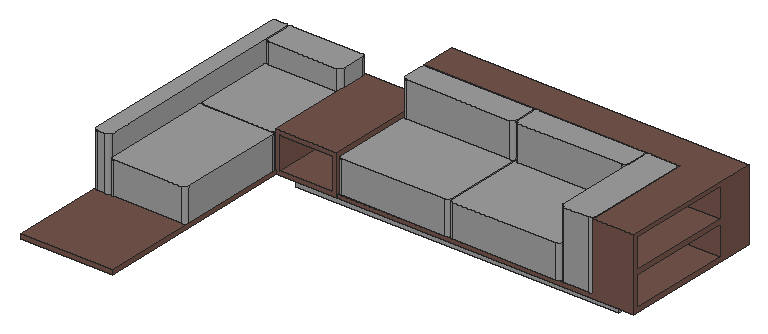
Revit family "Couch_Knez", category Generic Models, Revit 2012
Parameters
  Wood = Wooden elements
  Width-main = 70 cm
  Thickness-wooden elements = 4 cm
  Support = Paint white
  Seatings = Leather white
  Lenght-main-wooden element = 40 cm
  Lenght-main = 250 cm
Reference planes (cm)
  plane 1 "Center (Front/Back)": y = 0
  plane 2: z = 0
  plane 3 "Center (Left/Right)": x = 0
  plane 4: x = -40
  plane 5: y = 80
  plane 6: y = 110
  plane 7: x = -290
  plane 8: x = -350
  plane 9 "Top": z = 74
  plane 10: y = 106
  plane 11: y = 4
  plane 12: x = -346
  plane 13: x = -294
  plane 14: z = 4
  plane 15: x = -331
  plane 16: x = -15
  plane 17: x = -440
  plane 18: y = -200
  plane 19: y = -160
  plane 20: x = -425
  plane 21: x = -360
  plane 22: x = -181
  plane 23: x = -72
  plane 24 "Top-seating": z = 40
  plane 25: y = 140
  plane 26: x = -4
  plane 27: x = -286
Forms (cm)
  Extrusion 1, solid, material "Wooden elements"
    sketch origin (0, 0, 0) x (1, 0, 0) y (0, 1, 0)
      loop
        line (-290, 140) -> (-290, 0) -> (0, 0) -> (0, 140) -> (-290, 140)
    from 4 to 74
  Extrusion 2, void
    sketch origin (0, 0, 0) x (1, 0, 0) y (0, 1, 0)
      loop
        line (0, 106) -> (-36, 106) -> (-36, 4) -> (0, 4) -> (0, 106)
    from 8 to 37
  Extrusion 3, void
    sketch origin (0, 0, 0) x (1, 0, 0) y (0, 1, 0)
      loop
        line (0, 106) -> (-36, 106) -> (-36, 4) -> (0, 4) -> (0, 106)
    from 41 to 70
  Extrusion 4, void
    sketch origin (0, 0, 0) x (1, 0, 0) y (0, 1, 0)
      loop
        line (-40, 106) -> (-290, 106) -> (-290, 0) -> (-40, 0) -> (-40, 106)
    from 8 to 74
  Extrusion 5, solid, material "Wooden elements"
    sketch origin (0, 0, 0) x (1, 0, 0) y (0, 1, 0)
      loop
        line (-290, 110) -> (-350, 110) -> (-350, 0) -> (-290, 0) -> (-290, 110)
    from 4 to 44
  Extrusion 6, void
    sketch origin (0, 0, 0) x (1, 0, 0) y (0, 1, 0)
      loop
        line (-294, 110) -> (-346, 110) -> (-346, 0) -> (-294, 0) -> (-294, 110)
    from 8 to 40
  Extrusion 7, solid, material "Paint white"
    sketch origin (0, 0, 0) x (1, 0, 0) y (0, 1, 0)
      loop
        line (-331, 0) -> (-15, 0) -> (-15, 106) -> (-15, 126) -> (-259, 126) -> (-259, 106) -> (-331, 106) -> (-331, 0)
    from 0 to 4
  Extrusion 8, solid, material "Wooden elements"
    sketch origin (0, 0, 0) x (1, 0, 0) y (0, 1, 0)
      loop
        line (-350, 110) -> (-440, 110) -> (-440, -200) -> (-350, -200) -> (-350, 110)
    from 4 to 8
  Extrusion 9, solid, material "Paint white"
    sketch origin (0, 0, 0) x (1, 0, 0) y (0, 1, 0)
      loop
        line (-360, 80) -> (-425, 80) -> (-425, -160) -> (-360, -160) -> (-360, 80)
    from 0 to 4
  Extrusion 10, solid, material "Leather white"
    sketch origin (-125, 0, 0) x (1, 0, 0) y (0, 1, 0)
      loop
        line (-60, 106) -> (-161, 106)
        arc (-161, 106) -> (-163.8284, 104.8284) -> (-165, 102) r 4
        line (-165, 102) -> (-165, 4)
        arc (-165, 4) -> (-163.8284, 1.1716) -> (-161, 0) r 4
        line (-161, 0) -> (-60, 0)
        arc (-60, 0) -> (-57.1716, 1.1716) -> (-56, 4) r 4
        line (-56, 4) -> (-56, 102)
        arc (-56, 102) -> (-57.1716, 104.8284) -> (-60, 106) r 4
    from 8 to 40
  Extrusion 11, solid, material "Leather white"
    sketch origin (0, 0, 0) x (1, 0, 0) y (0, 1, 0)
      loop
        line (-44, 106) -> (-68, 106)
        arc (-68, 106) -> (-70.8284, 104.8284) -> (-72, 102) r 4
        line (-72, 102) -> (-72, 4)
        arc (-72, 4) -> (-70.8284, 1.1716) -> (-68, 0) r 4
        line (-68, 0) -> (-44, 0)
        arc (-44, 0) -> (-41.1716, 1.1716) -> (-40, 4) r 4
        line (-40, 4) -> (-40, 102)
        arc (-40, 102) -> (-41.1716, 104.8284) -> (-44, 106) r 4
    from 8 to 74
  Extrusion 12, solid, material "Leather white"
    sketch origin (-16, 0, 0) x (1, 0, 0) y (0, 1, 0)
      loop
        line (-60, 106) -> (-161, 106)
        arc (-161, 106) -> (-163.8284, 104.8284) -> (-165, 102) r 4
        line (-165, 102) -> (-165, 4)
        arc (-165, 4) -> (-163.8284, 1.1716) -> (-161, 0) r 4
        line (-161, 0) -> (-60, 0)
        arc (-60, 0) -> (-57.1716, 1.1716) -> (-56, 4) r 4
        line (-56, 4) -> (-56, 102)
        arc (-56, 102) -> (-57.1716, 104.8284) -> (-60, 106) r 4
    from 8 to 40
  Extrusion 13, solid, material "Leather white"
    sketch origin (0, 0, 0) x (1, 0, 0) y (0, 1, 0)
      loop
        arc (-286, 106) -> (-288.8284, 104.8284) -> (-290, 102) r 4
        line (-290, 102) -> (-290, 84)
        arc (-290, 84) -> (-288.8284, 81.1716) -> (-286, 80) r 4
        line (-286, 80) -> (-185, 80)
        arc (-185, 80) -> (-182.1716, 81.1716) -> (-181, 84) r 4
        line (-181, 84) -> (-181, 102)
        arc (-181, 102) -> (-182.1716, 104.8284) -> (-185, 106) r 4
        line (-185, 106) -> (-286, 106)
    from 40 to 74
  Extrusion 14, solid, material "Leather white"
    sketch origin (109, 0, 0) x (1, 0, 0) y (0, 1, 0)
      loop
        arc (-286, 106) -> (-288.8284, 104.8284) -> (-290, 102) r 4
        line (-290, 102) -> (-290, 84)
        arc (-290, 84) -> (-288.8284, 81.1716) -> (-286, 80) r 4
        line (-286, 80) -> (-185, 80)
        arc (-185, 80) -> (-182.1716, 81.1716) -> (-181, 84) r 4
        line (-181, 84) -> (-181, 102)
        arc (-181, 102) -> (-182.1716, 104.8284) -> (-185, 106) r 4
        line (-185, 106) -> (-286, 106)
    from 40 to 74
  Extrusion 15, solid, material "Leather white"
    sketch origin (0, 0, 0) x (1, 0, 0) y (0, 1, 0)
      loop
        line (-354, 80) -> (-421, 80)
        arc (-421, 80) -> (-423.8284, 78.8284) -> (-425, 76) r 4
        line (-425, 76) -> (-425, 4)
        arc (-425, 4) -> (-423.8284, 1.1716) -> (-421, 0) r 4
        line (-421, 0) -> (-354, 0)
        arc (-354, 0) -> (-351.1716, 1.1716) -> (-350, 4) r 4
        line (-350, 4) -> (-350, 76)
        arc (-350, 76) -> (-351.1716, 78.8284) -> (-354, 80) r 4
    from 8 to 40
  Extrusion 16, solid, material "Leather white"
    sketch origin (0, -110, 0) x (1, 0, 0) y (0, 1, 0)
      loop
        line (-354, 110) -> (-421, 110)
        arc (-421, 110) -> (-423.8284, 108.8284) -> (-425, 106) r 4
        line (-425, 106) -> (-425, 4)
        arc (-425, 4) -> (-423.8284, 1.1716) -> (-421, 0) r 4
        line (-421, 0) -> (-354, 0)
        arc (-354, 0) -> (-351.1716, 1.1716) -> (-350, 4) r 4
        line (-350, 4) -> (-350, 106)
        arc (-350, 106) -> (-351.1716, 108.8284) -> (-354, 110) r 4
    from 8 to 40
  Extrusion 17, void
    sketch origin (0, 0, 0) x (1, 0, 0) y (0, 1, 0)
      loop
        line (-4, 140) -> (-143, 140) -> (-143, 110) -> (-4, 110) -> (-4, 140)
    from 8 to 37
  Extrusion 18, void
    sketch origin (0, 0, 0) x (1, 0, 0) y (0, 1, 0)
      loop
        line (-286, 140) -> (-286, 110) -> (-147, 110) -> (-147, 140) -> (-286, 140)
    from 8 to 37
  Extrusion 19, solid, material "Leather white"
    sketch origin (-169, 0, 0) x (1, 0, 0) y (0, 1, 0)
      loop
        arc (-252, 110) -> (-254.8284, 108.8284) -> (-256, 106) r 4
        line (-256, 106) -> (-256, 84)
        arc (-256, 84) -> (-254.8284, 81.1716) -> (-252, 80) r 4
        line (-252, 80) -> (-185, 80)
        arc (-185, 80) -> (-182.1716, 81.1716) -> (-181, 84) r 4
        line (-181, 84) -> (-181, 106)
        arc (-181, 106) -> (-182.1716, 108.8284) -> (-185, 110) r 4
        line (-185, 110) -> (-252, 110)
    from 8 to 60
  Extrusion 20, solid, material "Leather white"
    sketch origin (-75, -110, 0) x (1, 0, 0) y (0, 1, 0)
      loop
        line (-354, 220) -> (-361, 220)
        arc (-361, 220) -> (-363.8284, 218.8284) -> (-365, 216) r 4
        line (-365, 216) -> (-365, 4)
        arc (-365, 4) -> (-363.8284, 1.1716) -> (-361, 0) r 4
        line (-361, 0) -> (-354, 0)
        arc (-354, 0) -> (-351.1716, 1.1716) -> (-350, 4) r 4
        line (-350, 4) -> (-350, 216)
        arc (-350, 216) -> (-351.1716, 218.8284) -> (-354, 220) r 4
    from 8 to 60
  Extrusion 21, void
    sketch origin (0, 0, 0) x (1, 0, 0) y (0, 1, 0)
      loop
        line (-4, 140) -> (-143, 140) -> (-143, 110) -> (-4, 110) -> (-4, 140)
    from 41 to 70
  Extrusion 22, void
    sketch origin (-143, 0, 0) x (1, 0, 0) y (0, 1, 0)
      loop
        line (-4, 140) -> (-143, 140) -> (-143, 110) -> (-4, 110) -> (-4, 140)
    from 41 to 70
Cuts and joins
  Extrusion 2, Extrusion 3, Extrusion 4, Extrusion 17, Extrusion 18, Extrusion 21, Extrusion 22 cuts Extrusion 1
  Extrusion 6 cuts Extrusion 5
Dimensions and locks (cm)
  "Lenght-main-wooden element": plane 4 to plane 3 "Center (Left/Right)"
  "Lenght-main": plane 7 to plane 4
  aligned and locked: level to plane 2
  aligned and locked: Extrusion 1 to plane 9 "Top"
  aligned and locked: Extrusion 6 to plane 6
  aligned and locked: cut or joined group of Extrusion 5, Extrusion 6 to Extrusion 8 sketch curve
  aligned and locked: Extrusion 8 sketch curve to cut or joined group of Extrusion 5, Extrusion 6
  aligned and locked: Extrusion 8 sketch curve to plane 18
  aligned and locked: Extrusion 8 sketch curve to plane 17
  aligned and locked: Extrusion 9 sketch curve to plane 21
  aligned and locked: Extrusion 9 sketch curve to plane 19
  aligned and locked: plane 20 to Extrusion 9 sketch curve
  aligned and locked: Extrusion 9 sketch curve to plane 5
  aligned and locked: Extrusion 8 to Extrusion 15 sketch curve
  aligned and locked: plane 1 "Center (Front/Back)" to Extrusion 15 sketch curve
  aligned and locked: Extrusion 17 sketch curve to plane 25
  aligned and locked: plane 26 to Extrusion 17 sketch curve
  aligned and locked: plane 6 to Extrusion 17 sketch curve
  aligned and locked: plane 25 to Extrusion 18 sketch curve
  aligned and locked: plane 27 to Extrusion 18 sketch curve
  aligned and locked: Extrusion 18 sketch curve to plane 6
  aligned and locked: Extrusion 8 to Extrusion 19
  aligned and locked: Extrusion 19 to cut or joined group of Extrusion 5, Extrusion 6
  aligned and locked: plane 5 to Extrusion 19
  aligned and locked: plane 20 to Extrusion 16
  aligned and locked: plane 20 to Extrusion 15
  aligned and locked: plane 20 to Extrusion 19
  aligned and locked: Extrusion 20 to plane 17
  aligned and locked: Extrusion 20 to Extrusion 16
  aligned and locked: Extrusion 20 to Extrusion 19
  aligned and locked: Extrusion 17 to Extrusion 2
Automatic sketch dimensions
  plane 1 "Center (Front/Back)" to Extrusion 1 sketch curve = 0 cm
  Extrusion 1 sketch curve to plane 7 = 0 cm
  Extrusion 1 sketch curve to plane 3 "Center (Left/Right)" = 0 cm
  plane 25 to Extrusion 1 sketch curve = 0 cm
  plane 10 to Extrusion 2 sketch curve = 0 cm
  plane 11 to Extrusion 2 sketch curve = 0 cm
  Extrusion 2 sketch curve to plane 3 "Center (Left/Right)" = 0 cm
  plane 4 to Extrusion 2 sketch curve = 4 cm
  plane 10 to Extrusion 3 sketch curve = 0 cm
  plane 11 to Extrusion 3 sketch curve = 0 cm
  Extrusion 3 sketch curve to plane 3 "Center (Left/Right)" = 0 cm
  plane 4 to Extrusion 3 sketch curve = 4 cm
  Extrusion 4 sketch curve to plane 7 = 0 cm
  plane 1 "Center (Front/Back)" to Extrusion 4 sketch curve = 0 cm
  Extrusion 4 sketch curve to plane 4 = 0 cm
  plane 10 to Extrusion 4 sketch curve = 0 cm
  plane 6 to Extrusion 5 sketch curve = 0 cm
  Extrusion 5 sketch curve to plane 8 = 0 cm
  plane 1 "Center (Front/Back)" to Extrusion 5 sketch curve = 0 cm
  Extrusion 5 sketch curve to plane 7 = 0 cm
  plane 6 to Extrusion 6 sketch curve = 0 cm
  Extrusion 6 sketch curve to plane 12 = 0 cm
  plane 1 "Center (Front/Back)" to Extrusion 6 sketch curve = 0 cm
  Extrusion 6 sketch curve to plane 13 = 0 cm
  Extrusion 10 sketch curve to plane 7 = 0 cm
  plane 1 "Center (Front/Back)" to Extrusion 10 sketch curve = 0 cm
  Extrusion 10 sketch curve to plane 27 = 0 cm  (x2)
  plane 10 to Extrusion 10 sketch curve = 0 cm
  plane 11 to Extrusion 10 sketch curve = 0 cm
  Extrusion 10 sketch curve to plane 22 = 0 cm
  Extrusion 10 sketch curve to Extrusion 10 sketch curve = 4 cm
  plane 11 to Extrusion 11 sketch curve = 0 cm  (x2)
  Extrusion 11 sketch curve to plane 23 = 0 cm
  plane 1 "Center (Front/Back)" to Extrusion 11 sketch curve = 0 cm
  plane 10 to Extrusion 11 sketch curve = 0 cm
  Extrusion 11 sketch curve to plane 4 = 0 cm
  plane 23 to Extrusion 11 sketch curve = 4 cm
  Extrusion 11 sketch curve to Extrusion 11 sketch curve = 4 cm
  plane 11 to Extrusion 12 sketch curve = 0 cm  (x2)
  Extrusion 12 sketch curve to plane 22 = 0 cm
  plane 1 "Center (Front/Back)" to Extrusion 12 sketch curve = 0 cm
  plane 10 to Extrusion 12 sketch curve = 0 cm
  plane 22 to Extrusion 12 sketch curve = 4 cm
  plane 10 to Extrusion 12 sketch curve = 4 cm
  Extrusion 12 sketch curve to plane 4 = 36 cm
  Extrusion 13 sketch curve to plane 7 = 0 cm
  plane 5 to Extrusion 13 sketch curve = 0 cm
  Extrusion 13 sketch curve to plane 27 = 0 cm  (x2)
  plane 10 to Extrusion 13 sketch curve = 0 cm
  Extrusion 13 sketch curve to plane 22 = 0 cm
  Extrusion 13 sketch curve to plane 22 = 4 cm
  Extrusion 13 sketch curve to Extrusion 13 sketch curve = 4 cm
  Extrusion 14 sketch curve to plane 22 = 0 cm
  plane 5 to Extrusion 14 sketch curve = 0 cm
  plane 10 to Extrusion 14 sketch curve = 0 cm
  plane 22 to Extrusion 14 sketch curve = 4 cm  (x2)
  Extrusion 14 sketch curve to plane 4 = 36 cm
  plane 10 to Extrusion 14 sketch curve = 4 cm
  Extrusion 14 sketch curve to Extrusion 14 sketch curve = 0 cm
  Extrusion 15 sketch curve to plane 11 = 0 cm  (x2)
  Extrusion 15 sketch curve to plane 20 = 0 cm
  plane 5 to Extrusion 15 sketch curve = 0 cm
  Extrusion 15 sketch curve to plane 20 = 4 cm
  Extrusion 15 sketch curve to Extrusion 15 sketch curve = 4 cm
  Extrusion 16 sketch curve to plane 20 = 0 cm
  plane 1 "Center (Front/Back)" to Extrusion 16 sketch curve = 0 cm
  Extrusion 16 sketch curve to plane 8 = 0 cm
  Extrusion 16 sketch curve to plane 20 = 4 cm  (x2)
  Extrusion 16 sketch curve to Extrusion 16 sketch curve = 4 cm
  Extrusion 16 sketch curve to plane 8 = 4 cm
  plane 19 to Extrusion 16 sketch curve = 54 cm
  plane 22 to Extrusion 17 sketch curve = 38 cm
  plane 22 to Extrusion 18 sketch curve = 34 cm
  Extrusion 19 sketch curve to plane 20 = 0 cm
  plane 5 to Extrusion 19 sketch curve = 0 cm
  plane 6 to Extrusion 19 sketch curve = 0 cm
  plane 10 to Extrusion 19 sketch curve = 0 cm  (x2)
  Extrusion 19 sketch curve to plane 8 = 0 cm
  Extrusion 19 sketch curve to plane 20 = 4 cm
  Extrusion 19 sketch curve to plane 8 = 4 cm
  Extrusion 20 sketch curve to plane 17 = 0 cm
  plane 6 to Extrusion 20 sketch curve = 0 cm
  plane 10 to Extrusion 20 sketch curve = 0 cm  (x2)
  Extrusion 20 sketch curve to plane 20 = 0 cm
  plane 17 to Extrusion 20 sketch curve = 4 cm
  plane 20 to Extrusion 20 sketch curve = 4 cm
  plane 19 to Extrusion 20 sketch curve = 54 cm
  plane 25 to Extrusion 21 sketch curve = 0 cm
  plane 6 to Extrusion 21 sketch curve = 0 cm
  Extrusion 21 sketch curve to plane 26 = 0 cm
  plane 22 to Extrusion 21 sketch curve = 38 cm
  plane 25 to Extrusion 22 sketch curve = 0 cm
  Extrusion 22 sketch curve to plane 27 = 0 cm
  plane 6 to Extrusion 22 sketch curve = 0 cm
  plane 22 to Extrusion 22 sketch curve = 34 cm
  Extrusion 7 sketch curve to plane 15 = 0 cm
  plane 10 to Extrusion 7 sketch curve = 0 cm  (x2)
  Extrusion 7 sketch curve to plane 16 = 0 cm
  plane 1 "Center (Front/Back)" to Extrusion 7 sketch curve = 0 cm
  plane 27 to Extrusion 7 sketch curve = 27 cm
  plane 25 to Extrusion 7 sketch curve = 14 cm
